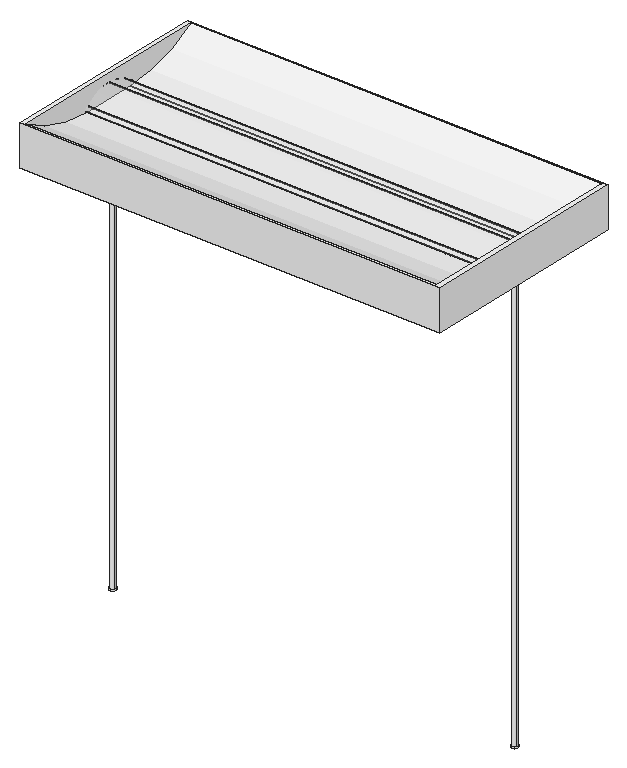
Revit family "LSTE-CM", category Lighting Fixtures, host Face, Revit 2012
Parameters (values of type "LSTE24-50XLG-MPO-EDU")
  zz Length = Row Length - 1.000"  # 47.000"
  Width = 24.000"
  Nominal Watts = 88 W
  Wattage = 88 W
  Warranty = "Five year warranty"  # constant formula
  built-in parameter 1150110 = 1 (stored number, unit not read)
  Voltage = 120 V
  built-in parameter 1114217 = 1 (stored number, unit not read)
  Tilt Angle = 90.00°  # constant formula
  built-in parameter 1150109 = 1 (stored number, unit not read)
  built-in parameter 1150134 = 2
  Suspension Height = 48.000"
  Wattage Comments = "24-88 W"  # constant formula
  URL = "http://www.columbialighting.com/"
  built-in parameter 1150113 = 1 (stored number, unit not read)
  Product Page URL = "http://www.columbialighting.com/products/lste"
  Product Documentation Link = "http://cdn.columbialightinhttp://cdn.columbialighting.com/content/products/psg/psg_files/lste_psg.pdfg.com/content/products/specs/specs_files/lcat24.pdf"
  Photometric Web File = "LSTE24-50XLG-MPO-EDU.ies"
  Photometric Link = "http://www.hubbelllighting.com/resources/photometry/?p=COLUMBIA%20LIGHTING/Recessed%20Architectural/LSTE/"
  Model = "LSTE24-CM"
  Manufacturer Phone = "864-678-1000"  # constant formula
  Manufacturer Fax = "866-898-1065"  # constant formula
  Manufacturer = "Columbia Lighting"  # constant formula
  Row Length = 48.000"
  built-in parameter 1150105 = 3508.6 (stored number, unit not read)
  Lumens = 13071.7 lm
  built-in parameter 1150115 = 1 (stored number, unit not read)
  Lumen Output = "Extra High Lumen"
  Load Classification = Lighting
  built-in parameter 1150137 = (empty or 0)
  built-in parameter 1150139 = (empty or 0)
  built-in parameter 1150112 = 1 (stored number, unit not read)
  built-in parameter 1150114 = 1 (stored number, unit not read)
  Lamp = "LED Lamp"  # constant formula
  Light Bulb = Hubbell - White Glass
  built-in parameter 1150132 = (empty or 0)
  built-in parameter 1150102 = (empty or 0)
  built-in parameter 1150107 = 5000 (stored number, unit not read)
  built-in parameter 1150138 = (empty or 0)
  built-in parameter 1150106 = 35.086 (stored number, unit not read)
  Emit from Rectangle Width = 23.000"
  Emit from Rectangle Length = 47.000"
  Emit Shape Visible in Rendering = no
  built-in parameter 1150104 = 13.8 (stored number, unit not read)
  Dimming Lamp Color Temperature Shift = <None>
  Description = "Stratus® LED Architectural Recessed"  # constant formula
  Default Elevation = 48.000"
  Color Filter = 16777215
  Certifications = "NYC Compliant"  # constant formula
  built-in parameter 1114218 = 1 (stored number, unit not read)
  Backbox = Hubbell - White
  built-in parameter 1150133 = 10 (stored number, unit not read)
  Apparent Load = 0 VA
Types (9): name | zz Length | Nominal Watts | Wattage | built-in parameter 1150134 | Photometric Web File | Model | Row Length | built-in parameter 1150105 | Lumens | Lumen Output | built-in parameter 1150107 | built-in parameter 1150106 | Emit from Rectangle Length
  (no name) | 47.000" | 88 W | 88 W | 2 | "LSTE24-50XLG-MPO-EDU.ies" | "LSTE24-CM" | 48.000" | 3508.6 (stored number, unit not read) | 13071.7 lm | "Extra High Lumen" | 5000 (stored number, unit not read) | 35.086 (stored number, unit not read) | 47.000"
  LSTE24-35XWG-MPO-EDU | 47.000" | 24 W | 24 W | (empty or 0) | "LSTE24-35XWG-MPO-EDU.ies" | "LSTE24-CM" | 48.000" | 283.69 (stored number, unit not read) | 3565.01 lm | "Extra Low Watt" | 3500 (stored number, unit not read) | 2.8369 (stored number, unit not read) | 47.000"
  LSTE24-50XLG-MPO-EDU | 47.000" | 88 W | 88 W | 2 | "LSTE24-50XLG-MPO-EDU.ies" | "LSTE24-CM" | 48.000" | 3508.6 (stored number, unit not read) | 13071.7 lm | "Extra High Lumen" | 5000 (stored number, unit not read) | 35.086 (stored number, unit not read) | 47.000"
  LSTE24-40LWG-MPO-EDU | 47.000" | 43 W | 43 W | 12 | "LSTE24-40LWG-MPO-EDU.ies" | "LSTE24-CM" | 48.000" | 508.29 (stored number, unit not read) | 6387.3 lm | "Low Watt" | 4000 (stored number, unit not read) | 5.0829 (stored number, unit not read) | 47.000"
  LSTE24-30MWG-MPO-EDU | 47.000" | 37 W | 37 W | (empty or 0) | "LSTE24-30MWG-MPO-EDU.ies" | "LSTE24-CM" | 48.000" | 437.36 (stored number, unit not read) | 5496.05 lm | "Medium Low Watt" | 3000 (stored number, unit not read) | 4.3736 (stored number, unit not read) | 47.000"
  LSTE22-50VLG-MPO-EDU | 23.000" | 52 W | 52 W | 2 | "LSTE22-50VLG-MPO-EDU.ies" | "LSTE22-CM" | 24.000" | 614.67 (stored number, unit not read) | 7724.18 lm | "Very High Lumen" | 5000 (stored number, unit not read) | 6.1467 (stored number, unit not read) | 23.000"
  LSTE22-40MLG-MPO-EDU | 23.000" | 40 W | 40 W | 12 | "LSTE22-40MLG-MPO-EDU.ies" | "LSTE22-CM" | 24.000" | 472.82 (stored number, unit not read) | 5941.68 lm | "Medium Lumen" | 4000 (stored number, unit not read) | 4.7282 (stored number, unit not read) | 23.000"
  LSTE22-35HLG-MPO-EDU | 23.000" | 42 W | 42 W | (empty or 0) | "LSTE22-35HLG-MPO-EDU.ies" | "LSTE22-CM" | 24.000" | 496.46 (stored number, unit not read) | 6238.76 lm | "High Lumen" | 3500 (stored number, unit not read) | 4.9646 (stored number, unit not read) | 23.000"
  LSTE22-30LWG-MPO-EDU | 23.000" | 29 W | 29 W | (empty or 0) | "LSTE22-30LWG-MPO-EDU.ies" | "LSTE22-CM" | 24.000" | 342.8 (stored number, unit not read) | 4307.72 lm | "Low Watt" | 3000 (stored number, unit not read) | 3.428 (stored number, unit not read) | 23.000"
Reference planes (in)
  plane 1 "Center (Front/Back)": y = 0.03999
  plane 2: z = 0
  plane 3 "Center (Left/Right)": x = 1.66944
  plane 4: x = -22.33056
  plane 5: x = 25.66944
  plane 6: z = 48
  plane 7: x = -21.33056
  plane 8: x = 24.66944
  plane 9: z = 51.5
Forms (in)
  Revolve 1, solid, material "Hubbell - White" <- "Backbox"
    sketch origin (0, 0.03999, 0) x (1, 0, 0) y (0, 0, 1)
      loop
        line (-21.33056, 48) -> (-21.33056, 0) -> (-20.97056, 0) -> (-20.97056, 0.1) -> (-21.09056, 0.1) -> (-21.09056, 47.9) -> (-20.97056, 47.9) -> (-20.97056, 48) -> (-21.33056, 48)
      axis (-21.33056, 48) -> (-21.33056, 0)
    angle from 0 to 360
  Revolve 2, solid, material "Hubbell - White" <- "Backbox"
    sketch origin (0, 0.03999, 0) x (1, 0, 0) y (0, 0, 1)
      loop
        line (24.66944, 48) -> (24.66944, 0) -> (25.02944, 0) -> (25.02944, 0.1) -> (24.90944, 0.1) -> (24.90944, 47.9) -> (25.02944, 47.9) -> (25.02944, 48) -> (24.66944, 48)
      axis (24.66944, 48) -> (24.66944, 0)
    angle from 0 to 360
Dimensions and locks (in)
  equal spacing: plane 5, plane 3 "Center (Left/Right)", plane 4
  "Suspension Height": plane 6 to level
  equal spacing: plane 8, plane 3 "Center (Left/Right)", plane 7
  locked: plane 7 to plane 4 at 1
  "Row Length": plane 5 to plane 4
  locked: Revolve 1 sketch curve to level at 0.1
  locked: plane 6 to Revolve 2 sketch curve at 0.1
  locked: plane 8 to Revolve 2 sketch curve at 0.24
  locked: Revolve 2 sketch curve to Revolve 2 sketch curve at 0.36
  locked: plane 8 to Revolve 2 sketch curve at 0.36
  locked: Revolve 2 sketch curve to plane 2 at 0.1
  locked: Revolve 1 sketch curve to plane 7 at 0.24
  Revolve 1 sketch curve to plane 2 = 0.100"
  locked: plane 7 to Revolve 1 sketch curve at 0.36
  locked: Revolve 1 sketch curve to plane 7 at 0.36
  locked: plane 9 to plane 6 at 3.5
  aligned and locked: plane 2 to host face
  aligned and locked: level to host face
  aligned and locked: Revolve 1 sketch curve to plane 7
  aligned and locked: Revolve 1 sketch curve to plane 6
  aligned and locked: host face to Revolve 1 sketch curve
  aligned and locked: Revolve 1 sketch curve to Revolve 1 sketch curve
  aligned and locked: Revolve 2 sketch curve to Revolve 2 sketch curve
  aligned and locked: plane 8 to Revolve 2 sketch curve
  aligned and locked: plane 3 "Center (Left/Right)" to nested 1
  aligned and locked: plane 1 "Center (Front/Back)" to nested 1
  aligned and locked: plane 2 to Revolve 2 sketch curve
  aligned and locked: Revolve 2 sketch curve to plane 6
  aligned and locked: Revolve 2 to Revolve 1
  aligned and locked: imposter light to plane 3 "Center (Left/Right)"
  aligned and locked: plane 9 to imposter light
  aligned and locked: plane 1 "Center (Front/Back)" to imposter light
Automatic sketch dimensions
  host sketch curve to host sketch curve = 96.000"  (x2)
  Revolve 1 sketch curve to plane 6 = 0.100"
  Revolve 1 sketch curve to level = 8.000"
  Revolve 1 sketch curve to Revolve 1 sketch curve = 2.500"
  plane 8 to Revolve 2 sketch curve = 0.000"
  Revolve 2 sketch curve to Revolve 2 sketch curve = 8.000"
  Revolve 2 sketch curve to Revolve 2 sketch curve = 2.500"
Nested families (in)
  nested 1: "LSTE Fixture" at (1.66944, 0.03999, 48), Glass <- "Light Bulb", Finish <- "Backbox", Row Length <- "Row Length", Width <- "Width", type "LSTE Fixture"
    with Width 24.000", Row Length 48.000", Height 4.625", Glass Hubbell - White Glass, Finish Hubbell - White
Connectors (in)
  electrical at (24.66944, 0.03999, 48), driven by "Voltage", driven by "Apparent Load", driven by "Load Classification"
    settings: on Revolve 2, index 1, voltage 120 V, apparent load 0 VA, apparent load phase1 0 VA, apparent load phase2 0 VA, apparent load phase3 0 VA, power factor 1, load classification "Lighting", number of poles 1, system type 30, power factor state 1, is connector primary yes, connector utility no, sub classification motor no, connector description "Electrical Connector"
Definition of nested family "LSTE Fixture"
  Parameters (values of type "LED Contemporary Architectural Troffer")
    Width [instance] = 24.000"
    Row Length [instance] = 24.000"
    Height [instance] = 4.000"
    Glass [instance] = none
    Finish [instance] = none
    Default Elevation = 48.000"
  Reference planes (in)
    plane 1 "Center (Front/Back)": y = 0
    plane 2: z = 0
    plane 3 "Center (Left/Right)": x = 0
    plane 4: x = 12
    plane 5: x = -12
    plane 6: y = -12
    plane 7: y = 12
    plane 8: z = 4
    plane 9: x = -11.5
    plane 10: x = 11.5
    plane 11: y = -3
    plane 12: y = 3
    plane 13: z = 2
    plane 14: y = -11.75
    plane 15: y = 11.75
    plane 16: z = 0.25
  Forms (in)
    Extrusion 1, solid
      sketch origin (0, 0, 0) x (1, 0, 0) y (0, 1, 0)
        loop
          line (-48, 48) -> (-48, -48) -> (48, -48) -> (48, 48) -> (-48, 48)
      from 0 to -12
    Extrusion 2, solid, material <- "Glass"
      sketch origin (0, 0, 0) x (0, 1, 0) y (0, 0, 1)
        loop
          arc (-3.0054, 2) -> (-3.2554, 2.25) -> (-3.0054, 2.5) r 0.25
          arc (-3.0054, 2.5) -> (-1.62233, 3.40315) -> (0, 3.71395) r 4.27102
          arc (0, 3.71395) -> (1.62233, 3.40315) -> (3.0054, 2.5) r 4.27102
          arc (3.0054, 2.5) -> (3.2554, 2.25) -> (3.0054, 2) r 0.25
          line (3.0054, 2) -> (3.0054, 1.89823)
          arc (3.0054, 1.89823) -> (3.35619, 2.24902) -> (3.0054, 2.59982) r 0.35079
          arc (3.0054, 2.59982) -> (1.6184, 3.48995) -> (0, 3.80122) r 4.35698
          arc (0, 3.80122) -> (-1.6184, 3.48995) -> (-3.0054, 2.59982) r 4.35698
          arc (-3.0054, 2.59982) -> (-3.35619, 2.24902) -> (-3.0054, 1.89823) r 0.35079
          line (-3.0054, 1.89823) -> (-3.0054, 2)
      from -11.5 to 11.5
    Extrusion 3, solid, material <- "Finish"
      sketch origin (0, 0, 0) x (0, 1, 0) y (0, 0, 1)
        loop
          line (-12, 4) -> (-12, 0) -> (12, 0) -> (12, 4) -> (-12, 4)
      from 11.5 to 12
    Extrusion 4, solid, material <- "Finish"
      sketch origin (0, 0, 0) x (0, 1, 0) y (0, 0, 1)
        loop
          line (12, 4) -> (-12, 4) -> (-12, 0) -> (12, 0) -> (12, 4)
      from -12 to -11.5
    Extrusion 5, solid, material <- "Finish"
      sketch origin (0, 0, 0) x (0, 1, 0) y (0, 0, 1)
        loop
          line (-12, 0) -> (12, 0) -> (12, 4) -> (11.75, 4) -> (11.75, 0.25) -> (-11.75, 0.25) -> (-11.75, 4) -> (-12, 4) -> (-12, 0)
      from -11.5 to 11.5
    Extrusion 6, solid, material <- "Finish"
      sketch origin (0, 0, 0) x (0, 1, 0) y (0, 0, 1)
        loop
          arc (-3, 2) -> (-7.48783, 2.50637) -> (-11.75, 4) r 20.14062
          line (-11.75, 4) -> (-11.75, 0.25) -> (11.75, 0.25) -> (11.75, 4)
          arc (11.75, 4) -> (7.48783, 2.50637) -> (3, 2) r 20.14062
          line (3, 2) -> (-3, 2)
      from -12 to 12
  Cuts and joins
    joined: Extrusion 3, Extrusion 4, Extrusion 5, Extrusion 6
  Dimensions and locks (in)
    equal spacing: plane 4, plane 3 "Center (Left/Right)", plane 5
    "Row Length": plane 4 to plane 5
    equal spacing: plane 6, plane 1 "Center (Front/Back)", plane 7
    "Width": plane 6 to plane 7
    "Height": plane 8 to plane 2
    equal spacing: plane 10, plane 3 "Center (Left/Right)", plane 9
    locked: plane 9 to plane 5 at 0.5
    equal spacing: plane 11, plane 1 "Center (Front/Back)", plane 12
    locked: plane 11 to plane 1 "Center (Front/Back)" at 3
    locked: plane 6 to plane 14 at 0.25
    equal spacing: plane 14, plane 1 "Center (Front/Back)", plane 15
    locked: plane 16 to level at 0.25
    level to Extrusion 5 = 4.000"
    aligned and locked: plane 2 to Extrusion 1
    aligned and locked: level to Extrusion 1
    aligned and locked: Extrusion 2 to plane 10
    aligned and locked: Extrusion 2 to plane 9
    aligned and locked: plane 8 to Extrusion 3 sketch curve
    aligned and locked: plane 6 to Extrusion 3 sketch curve
    aligned and locked: level to Extrusion 3 sketch curve
    aligned and locked: Extrusion 3 sketch curve to plane 7
    aligned and locked: plane 4 to Extrusion 3
    aligned and locked: plane 10 to Extrusion 3
    aligned and locked: Extrusion 4 sketch curve to Extrusion 3  (x4)
    aligned and locked: Extrusion 4 to plane 5
    aligned and locked: plane 9 to Extrusion 4
    aligned and locked: Extrusion 5 sketch curve to Extrusion 3  (x4)
    aligned and locked: plane 8 to Extrusion 5 sketch curve
    aligned and locked: Extrusion 5 sketch curve to plane 14
    aligned and locked: plane 16 to Extrusion 5 sketch curve
    aligned and locked: Extrusion 5 sketch curve to plane 15
    aligned and locked: Extrusion 5 to plane 10
    aligned and locked: Extrusion 5 to plane 9
    aligned and locked: plane 13 to Extrusion 6 sketch curve
    aligned and locked: plane 12 to Extrusion 6 sketch curve
    aligned and locked: plane 11 to Extrusion 6 sketch curve
    aligned and locked: Extrusion 6 sketch curve to plane 14
    aligned and locked: plane 16 to Extrusion 6 sketch curve
    aligned and locked: Extrusion 6 sketch curve to plane 15
    aligned and locked: plane 4 to Extrusion 6
    aligned and locked: Extrusion 6 to plane 5
  Automatic sketch dimensions
    Extrusion 1 sketch curve to Extrusion 1 sketch curve = 96.000"  (x2)
    plane 13 to Extrusion 2 sketch curve = 0.000"  (x2)
    Extrusion 2 sketch curve to plane 1 "Center (Front/Back)" = 0.000"  (x2)
    plane 1 "Center (Front/Back)" to Extrusion 2 sketch curve = 0.00113"
    Extrusion 2 sketch curve to Extrusion 2 sketch curve = 0.0216"  (x2)
    Extrusion 2 sketch curve to plane 11 = 0.0054"
    Extrusion 2 sketch curve to plane 1 "Center (Front/Back)" = 0.00113"
    Extrusion 2 sketch curve to plane 12 = 0.0054"
    plane 13 to Extrusion 2 sketch curve = 0.10177"  (x2)
    Extrusion 2 sketch curve to level = 0.55575"
    Extrusion 2 sketch curve to Extrusion 2 sketch curve = 0.000"
    Extrusion 2 sketch curve to Extrusion 2 sketch curve = 0.00126"  (x2)
    Extrusion 2 sketch curve to Extrusion 2 sketch curve = 0.24902"
    Extrusion 2 sketch curve to Extrusion 2 sketch curve = 0.00098"
    plane 8 to Extrusion 6 sketch curve = 0.000"  (x2)
